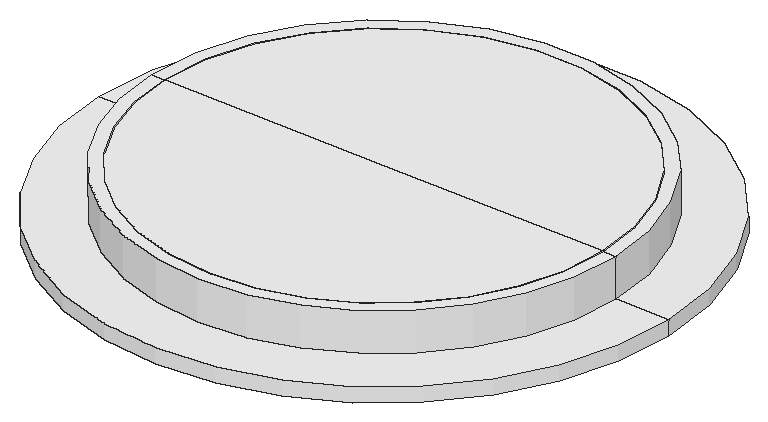
Revit family "C1400-R", category Plumbing Fixtures, host Face, Revit 2026
Family settings
  Host = Face
  Round Connector Dimension = Use Diameter
  Part Type = Normal
  Classification Number = 23.45.55.21
  Enable Cutting in Views = No
  Cut with Voids When Loaded = No
  Maintain Annotation Orientation = No
  Shared = No
  Room Calculation Point = No
Parameters
  WFU = 0
  URL = "WWW.MIFAB.COM"
  Stainer Radius = Stainer Diameter / 2  # 3.500"
  Stainer Diameter = 7.000"
  Model = "C1400-R"
  Manufacturer = "MIFAB"
  Floor Drain Material = Paint - Sherwin Williams Paint - #952C2A - Bellwood Red
  Description = "EXPANDABLE LINE CLEANOUT WITH ROUND, NICKEL BRONZE WALL ACCESS PANEL"
  Default Elevation = 0.000"
Reference planes (in)
  plane 1 "Center (Front/Back)": y = 0
  plane 2: z = 0
  plane 3 "Center (Left/Right)": x = 0
  plane 4: y = -3.5
  plane 5: y = 3.5
Forms (in)
  Revolve 1, solid, material "Paint - Sherwin Williams Paint - #952C2A - Bellwood Red" <- "Floor Drain Material"
    sketch origin (0, 0, 0) x (1, 0, 0) y (0, 0, 1)
      loop
        line (-3, 0) -> (-3.176, 0) -> (-3.176, -0.525) -> (-3.9, -0.525) -> (-3.9, -0.725) -> (-3, -0.725) -> (-3, -0.325) -> (-2.2, -0.325) -> (-2.2, -0.2) -> (-3, -0.2) -> (-3, 0)
      axis (0, 0) -> (0, -0.725)
    angle from 0 to 360
  Revolve 2, solid, material "Paint - Sherwin Williams Paint - #952C2A - Bellwood Red" <- "Floor Drain Material"
    sketch origin (0, 0, 0) x (1, 0, 0) y (0, 0, 1)
      loop
        line (-3, 0) -> (-3, -0.16) -> (-0.41, -0.16) -> (-0.41, -0.725) -> (-0.205, -0.725) -> (-0.125, -0.645) -> (-0.125, -0.225) -> (0, -0.225) -> (0, 0) -> (-3, 0)
      axis (0, 0) -> (0, -0.725)
    angle from 0 to 360
Lines and regions (in)
  symbolic lines
    curve 1: circle (0, 0, 0) r 3.5 normal (0, 0, 1)
Dimensions and locks (in)
  "Stainer Diameter": plane 5 to plane 4
  equal spacing: plane 5, plane 1 "Center (Front/Back)", plane 4
  locked: Revolve 1 sketch curve to Revolve 1 sketch curve at 0.176  (x2)
  locked: Revolve 1 sketch curve to Revolve 1 sketch curve at 0.2
  locked: Revolve 1 sketch curve to Revolve 1 sketch curve at 0.125
  locked: Revolve 1 sketch curve to Revolve 1 sketch curve at 0.8
  locked: Revolve 1 sketch curve to Revolve 1 sketch curve at 0.9
  locked: host face to Revolve 2 sketch curve at 0.16
  locked: Revolve 2 sketch curve to Revolve 2 sketch curve at 0.285
  locked: host face to Revolve 2 sketch curve at 0.225
  locked: Revolve 2 sketch curve to Revolve 2 sketch curve at 3
  "Stainer Radius": radius of curve 1
  aligned and locked: plane 2 to host face
  aligned and locked: level to host face
  aligned and locked: plane 1 "Center (Front/Back)" to curve 1
  aligned and locked: plane 3 "Center (Left/Right)" to curve 1
  aligned and locked: Revolve 1 sketch curve to plane 3 "Center (Left/Right)"
  aligned and locked: Revolve 2 sketch curve to plane 3 "Center (Left/Right)"
Automatic sketch dimensions
  host sketch curve to host sketch curve = 96.000"  (x2)
  Revolve 1 sketch curve to level = 0.000"
  Revolve 1 sketch curve to level = 0.725"
  Revolve 1 sketch curve to plane 3 "Center (Left/Right)" = 3.900"
  Revolve 1 sketch curve to level = 0.325"
  Revolve 1 sketch curve to Revolve 1 sketch curve = 6.225"
  level to Revolve 1 sketch curve = 7.800"
  Revolve 2 sketch curve to level = 0.000"
  Revolve 2 sketch curve to plane 3 "Center (Left/Right)" = 0.000"
  Revolve 2 sketch curve to level = 0.725"
  Revolve 2 sketch curve to plane 3 "Center (Left/Right)" = 0.125"
  Revolve 2 sketch curve to Revolve 2 sketch curve = 0.080"  (x2)
  Revolve 2 sketch curve to Revolve 2 sketch curve = 0.46458"
  level to Revolve 2 sketch curve = 1.18247"
  plane 1 "Center (Front/Back)" to curve 1 = 0.000"
  curve 1 to plane 3 "Center (Left/Right)" = 0.000"
